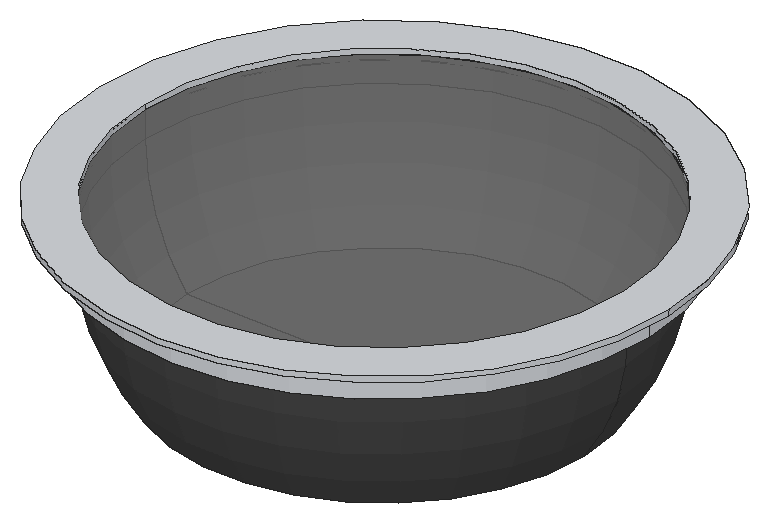
Revit family "3031817 Lighting Fixture_Sylvania_Syl-Lighter II_Ceiling Recessed", category Lighting Fixtures, host Face, Revit 2017
Family settings
  Host = Face
  Round Connector Dimension = Use Diameter
  Part Type = Normal
  OmniClass Number = 23.80.70.11.17
  OmniClass Title = Specialized Lighting by Location or Use
  Cut with Voids When Loaded = No
  Light Source = Yes
  Shared = No
  Room Calculation Point = No
Parameters (values of type "Syl-Lighter LED II 220 RO 21W NW")
  Weight = 0.60 kg
  Wattage = 21 W
  built-in parameter 1150110 = 1 (stored number, unit not read)
  Voltage Comments = "UNV (Universal Voltage; 220-240 Volt)"  # constant formula
  Voltage = 240 V  # constant formula
  URL = "http://www.sylvania-lighting.com"
  built-in parameter 1114217 = 1 (stored number, unit not read)
  Tilt Angle = -90.00°  # constant formula
  built-in parameter 1150109 = 1 (stored number, unit not read)
  built-in parameter 1150134 = 12
  Ta Rating = "-10°C to +40°C"  # constant formula
  built-in parameter 1150113 = 1 (stored number, unit not read)
  Recessed Depth = Height  # 60.0 mm
  IP Rating = "IP44"  # constant formula
  IK Rating = "IK07"  # constant formula
  Energy Class = "A++, A+, A"  # constant formula
  Dimmable = "DALI"  # constant formula
  Catalog Number = "3031817 Syl-Lighter LED II 220 RO 21W NW"
  Body Material = Metal_Sylvania_Syl-Lighter LED II_Silver
  Product Page URL = "http://www.sylvania-lighting.com/product/en-int/products/3031817"
  Product Family = "SYL-LIGHTER LED II"  # constant formula
  Photometry Comments = ""
  Photometric Web File = "3031817_Syl-Lighter220LED21WNW-182075.ies"
  built-in parameter 1150105 = 1149.5 (stored number, unit not read)
  Lumens = 1988.91 lm
  built-in parameter 1150115 = 1 (stored number, unit not read)
  built-in parameter 1150137 = (empty or 0)
  built-in parameter 1150139 = (empty or 0)
  Life = "50 000h"  # constant formula
  built-in parameter 1150112 = 1 (stored number, unit not read)
  built-in parameter 1150114 = 1 (stored number, unit not read)
  Lamp Comments = "Integrated LED"
  built-in parameter 1150132 = 2
  built-in parameter 1150102 = (empty or 0)
  built-in parameter 1150107 = 4000 (stored number, unit not read)
  built-in parameter 1150138 = (empty or 0)
  built-in parameter 1150106 = 11.495 (stored number, unit not read)
  Glow Wire Test = 650 °C  # constant formula
  Emit from Circle Diameter = Diffuser Diameter  # 185.0 mm
  Emit Shape Visible in Rendering = no
  built-in parameter 1150104 = 8.7988 (stored number, unit not read)
  Drive Current = "450mA"
  Dimming Lamp Color Temperature Shift = <None>
  Diffuser Radius = Diffuser Diameter / 2  # 92.5 mm
  Diffuser Diameter = Diameter - 20.0 mm  # 185.0 mm
  Inner Diameter = Diameter - 4.0 mm  # 201.0 mm
  Cutout Diameter = Diameter  # 205.0 mm
  Color Filter = 16777215
  Beam Angle = 74.00°
  built-in parameter 1114218 = 1 (stored number, unit not read)
  built-in parameter 1150133 = 10 (stored number, unit not read)
  Height = 60.0 mm
  Electrical Protection = "CLASS II"  # constant formula
  built-in parameter 1114216 [instance] = 1 (stored number, unit not read)
  Model = "Syl-Lighter LED II 220 RO 21W NW"
  Manufacturer = "Feilo Sylvania"  # constant formula
  Lamp = "LED"
  Diffuser Material = Polycarbonate_Sylvania_Syl-Lighter LED II_Opal
  Description = "Syl-Lighter LED II is available in 4 different round body sizes: 165mm, 195mm, 220mm & 240mm Syl-Lighter LED II 165 12W delivers a 1,134 lumen output (4,000K) - perfect for 1x26W CFL replacement Syl-Lighter LED II 195 15W delivers a 1,480 lumen output (4,000K) - perfect for 1x32W/2x18W CFL replacement Syl-Lighter LED II 220 21W delivers a 1,989 lumen output (4,000K) - perfect for 1x42W CFL replacement Syl-Lighter LED II 240 25W delivers a 2,289 lumen output (4,000K)- perfect for 2x26W CFL replacement High efficacy up to 99lm/W (Syl-Lighter LED II 195 4,000K) IP44 rating allows for installation in applicable wet zone areas Choice of 3,000K (warm white) or 4,000K (neutral white) Shallow recess depth of <65mm Can replace existing large CFL downlights using a 225mm ceiling cut out (Syl-Lighter LED II 240) Energy efficient electronic gear including analogue 1-10V and DALI dimmable options IK07 polycarbonate diffuser allows for a wider light distribution than a reflector downlight, allowing for increased spacings between luminaires 3 hour emergency pack available (to be ordered in addition to the luminaire) Ideal for applications such as corridors, public WCs and back of house areas Quick and easy to install Loop in-Loop out facility with red push fit terminal block for quick wiring White bezel (RAL 9003) Energy Class: A++, A+, A Long lifetime: 50,000 hours life at L70 (L80: 30,000 hours, L90: 15,000 hours)"  # constant formula
  Default Elevation = 0.0 mm
  built-in parameter 1140040 [instance] = 1
  Assembly Code = "D5020200"
  Apparent Load Comments = ""
  Apparent Load = 21 VA
  Accessory Radius = Accessory Diameter / 2  # 110.0 mm
  Accessory Material = Aluminum_Sylvania_Syl-Lighter LED II_White_RAL 9003
  Diameter = 205.0 mm
  Accessory Diameter = 220.0 mm
Reference planes
  plane 1 "Center (Front/Back)": y = 0
  plane 2: z = 0
  plane 3 "Center (Left/Right)": x = 0
  plane 4 "Fixture Bottom": z = 2
  plane 5: z = -10
  plane 6 "Fixture Top": z = -60
  plane 7: z = -2
Forms (mm)
  Extrusion 1, void
    sketch origin (0, 0, 58) x (-1, 0, 0) y (0, -1, 0)
      loop
        circle (0, 0) r 102.5
    from -171 to -55
  Extrusion 2, solid, detail levels fine
    sketch origin (0, 0, 58) x (-1, 0, 0) y (0, -1, 0)
      loop
        circle (0, 0) r 102.5
      loop
        circle (0, 0) r 100.5
    from -68 to -58
  Extrusion 3, solid, detail levels fine
    sketch origin (0, 0, 58) x (-1, 0, 0) y (0, -1, 0)
      loop
        circle (0, 0) r 110
      loop
        circle (0, 0) r 92.5
    from -58 to -56
  Extrusion 4, solid, material "Polycarbonate_Sylvania_Syl-Lighter LED II_Opal" <- "Diffuser Material", detail levels fine
    sketch origin (0, 0, 58) x (-1, 0, 0) y (0, -1, 0)
      loop
        circle (0, 0) r 92.5
    from -60 to -58
  Revolve 5, solid, material "Metal_Sylvania_Syl-Lighter LED II_Silver" <- "Body Material", detail levels fine
    sketch origin (0, 0, 0) x (1, 0, 0) y (0, 0, 1)
      loop
        line (-92.5, 0) -> (-94.5, 0) -> (-94.5, -10)
        arc (-94.5, -10) -> (-90.134, -36.405) -> (-77.5, -60) r 82.029
        line (-77.5, -60) -> (0, -60) -> (0, -58) -> (-76.507, -58)
        arc (-76.507, -58) -> (-88.397, -35.297) -> (-92.5, -10) r 80.029
        line (-92.5, -10) -> (-92.5, 0)
      axis (0, -60) -> (0, 0)
    angle from 0 to 360
  Revolve 6, solid, material "Aluminum_Sylvania_Syl-Lighter LED II_White_RAL 9003" <- "Accessory Material", detail levels coarse+medium
    sketch origin (0, 0, 0) x (1, 0, 0) y (0, 0, 1)
      loop
        line (-110, 2) -> (-110, 0) -> (-102.5, 0) -> (-102.5, -10) -> (-94.5, -10)
        arc (-94.5, -10) -> (-90.134, -36.405) -> (-77.5, -60) r 82.029
        line (-77.5, -60) -> (0, -60) -> (0, 2) -> (-110, 2)
      axis (0, 2) -> (0, -60)
    angle from 0 to 360
Cuts and joins
  joined: Extrusion 2, Extrusion 3
Lines and regions (mm)
  Masking region 1
    outline origin (0, 0, 58) x (-1, 0, 0) y (0, -1, 0)
      loop
        circle (0, 0) r 110
  symbolic lines, detail levels fine
    curve 1: arc (-92.5, 0, 58) -> (0, 92.5, 58) -> (92.5, 0, 58) r 92.5
    curve 2: arc (92.5, 0, 58) -> (0, -92.5, 58) -> (-92.5, 0, 58) r 92.5
Dimensions and locks
  locked: plane 4 "Fixture Bottom" to plane 2 at 2
  locked: plane 2 to plane 5 at 10
  "Height": plane 2 to plane 6 "Fixture Top"
  locked: plane 2 to plane 7 at 2
  "Diffuser Radius": plane 3 "Center (Left/Right)" to Revolve 5 sketch curve
  locked: Revolve 5 sketch curve to Revolve 5 sketch curve at 2
  locked: Revolve 5 sketch curve to Revolve 5 sketch curve at 15
  "Accessory Radius": plane 3 "Center (Left/Right)" to Revolve 6 sketch curve
  Revolve 6 sketch curve to Revolve 6 sketch curve to Revolve 6 sketch curve to Revolve 6 sketch curve = 7.5 mm locked, 8.0 mm locked, 17.0 mm locked
  "Cutout Diameter": diameter of Extrusion 1 sketch curve
  "Diameter": diameter of Extrusion 2 sketch curve
  "Inner Diameter": diameter of Extrusion 2 sketch curve
  "Accessory Diameter": diameter of Extrusion 3 sketch curve
  "Diffuser Diameter": diameter of Extrusion 3 sketch curve
  "Diffuser Diameter": diameter of Extrusion 4 sketch curve
  "Accessory Diameter": diameter of Masking region 1 sketch curve
  aligned and locked: host face to plane 2
  aligned and locked: host face to level
  aligned and locked: plane 4 "Fixture Bottom" to Extrusion 3
  aligned and locked: Extrusion 3 to plane 2
  aligned and locked: Extrusion 2 to plane 5
  aligned and locked: plane 2 to Extrusion 2
  aligned and locked: Extrusion 4 to plane 7
  aligned and locked: plane 2 to Extrusion 4
  aligned and locked: Revolve 5 sketch curve to plane 2
  aligned and locked: plane 5 to Revolve 5 sketch curve  (x2)
  aligned and locked: Revolve 5 sketch curve to plane 3 "Center (Left/Right)"
  aligned and locked: plane 3 "Center (Left/Right)" to Revolve 5 sketch curve
  aligned and locked: Revolve 6 sketch curve to plane 5
  aligned and locked: Revolve 6 sketch curve to plane 2
  aligned and locked: Revolve 6 sketch curve to plane 4 "Fixture Bottom"
  aligned and locked: plane 3 "Center (Left/Right)" to Revolve 6 sketch curve
  aligned and locked: Revolve 6 sketch curve to plane 3 "Center (Left/Right)"
  aligned and locked: plane 3 "Center (Left/Right)" to imposter light
  aligned and locked: imposter light to plane 1 "Center (Front/Back)"
  aligned and locked: imposter light to plane 4 "Fixture Bottom"
  aligned and locked: curve 1 to cut or joined group of Extrusion 2, Extrusion 3
Automatic sketch dimensions
  host sketch curve to host sketch curve = 700.0 mm
  host sketch curve to host sketch curve = 620.0 mm
  plane 1 "Center (Front/Back)" to Extrusion 1 sketch curve = 0.0 mm
  Extrusion 1 sketch curve to plane 3 "Center (Left/Right)" = 0.0 mm
  Extrusion 2 sketch curve to Extrusion 2 sketch curve = 0.0 mm  (x2)
  plane 1 "Center (Front/Back)" to Extrusion 2 sketch curve = 0.0 mm
  Extrusion 2 sketch curve to plane 3 "Center (Left/Right)" = 0.0 mm
  Extrusion 3 sketch curve to Extrusion 3 sketch curve = 0.0 mm  (x2)
  plane 1 "Center (Front/Back)" to Extrusion 3 sketch curve = 0.0 mm
  Extrusion 3 sketch curve to plane 3 "Center (Left/Right)" = 0.0 mm
  plane 1 "Center (Front/Back)" to Extrusion 4 sketch curve = 0.0 mm
  Extrusion 4 sketch curve to plane 3 "Center (Left/Right)" = 0.0 mm
  Revolve 5 sketch curve to Revolve 5 sketch curve = 0.0 mm
  Revolve 5 sketch curve to plane 6 "Fixture Top" = 0.0 mm
  plane 6 "Fixture Top" to Revolve 5 sketch curve = 2.0 mm
  Revolve 5 sketch curve to Revolve 5 sketch curve = 17.111 mm
  plane 4 "Fixture Bottom" to Revolve 5 sketch curve = 20.889 mm
  Revolve 6 sketch curve to plane 6 "Fixture Top" = 0.0 mm
  Revolve 6 sketch curve to plane 6 "Fixture Top" = 63.885 mm
  Revolve 6 sketch curve to Revolve 6 sketch curve = 84.115 mm
  plane 1 "Center (Front/Back)" to Masking region 1 sketch curve = 0.0 mm
  Masking region 1 sketch curve to plane 3 "Center (Left/Right)" = 0.0 mm
Connectors
  electrical at (0, 0, -60), driven by "Apparent Load", driven by "Voltage"
    settings: on Revolve 5, index 1, voltage 240 V, apparent load 0 VA, apparent load phase1 21 VA, apparent load phase2 0 VA, apparent load phase3 0 VA, power factor 1, load classification "Lighting", number of poles 1, system type 31, power factor state 1, is connector primary yes, connector utility no, sub classification motor no, connector description ""
